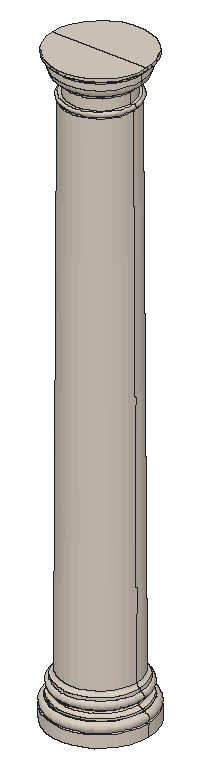
Revit family
Parameters (values of type "Base 650 x 650")
  Pedestal = 30 cm
  Material = Masonry - Stone Cill
  Manufacturer = "Revit"
  Keynote = "F"
  Column Body = 300 cm
  Capitel = 30 cm
  Width = 65 cm
  Depth = 65 cm
Reference planes (cm)
  plane 1 "Centro A/I": y = 0
  plane 2: z = 40
  plane 3 "Centro S/D": x = -0.8378
  plane 4 "Sinistra": x = -33.3378
  plane 5 "Destra": x = 31.6622
  plane 6 "Indietro": y = 32.5
  plane 7 "Avanti": y = -32.5
  plane 8: z = 148
  plane 9: y = 0
  plane 10: z = 370
  plane 11: z = 70
Forms (cm)
  Revolve 1, solid, material "Masonry - Stone Cill" <- "Material"
    sketch origin (0, 0, 0) x (1, 0, 0) y (0, 0, 1)
      loop
        line (-0.8378, 29.8184) -> (-0.8378, 0) -> (31.6622, 0) -> (31.6622, 8) -> (28.5372, 8)
        arc (28.5372, 8) -> (31.6622, 11.125) -> (28.5372, 14.25) r 3.125
        line (28.5372, 14.25) -> (28.0372, 14.25) -> (28.0372, 15.5)
        arc (28.0372, 15.5) -> (26.1753, 15.9223) -> (24.655, 17.0771) r 4.5094
        arc (24.655, 17.0771) -> (24.5472, 18.588) -> (25.9095, 19.25) r 1.3515
        line (25.9095, 19.25) -> (25.9095, 20.3884)
        arc (25.9095, 20.3884) -> (28.2153, 22.6942) -> (25.9095, 25) r 2.3058
        line (25.9095, 25) -> (25.9095, 27)
        arc (25.9095, 27) -> (23.9166, 27.8255) -> (23.0911, 29.8184) r 2.8184
        line (23.0911, 29.8184) -> (-0.8378, 29.8184)
      axis (-0.8378, 29.8184) -> (-0.8378, 0)
    angle from 0 to 360
  Blend 2, solid, material "Masonry - Stone Cill" <- "Material"
    base sketch origin (0, 0, 0) x (1, 0, 0) y (0, 1, 0)
      loop
        circle (-0.8378, 0) r 24.323
    top sketch origin (0, 0, 0) x (1, 0, 0) y (0, 1, 0)
      loop
        circle (-0.8378, 0) r 22.5092
    from 29.8184 to 371.25
  Revolve 3, solid, material "Masonry - Stone Cill" <- "Material"
    sketch origin (0, 0, 1.4316) x (1, 0, 0) y (0, 0, 1)
      loop
        line (-0.8378, 369.8184) -> (21.6622, 369.8184) -> (21.6622, 371.0937)
        arc (21.6622, 371.0937) -> (22.8995, 372.331) -> (21.6622, 373.5684) r 1.2374
        line (21.6622, 373.5684) -> (19.4122, 373.5684) -> (19.4122, 381.5684) -> (20.6622, 381.5684)
        arc (20.6622, 381.5684) -> (21.1691, 382.6341) -> (22.1306, 383.3184) r 2.3469
        line (22.1306, 383.3184) -> (22.1306, 384.3147)
        arc (22.1306, 384.3147) -> (25.5495, 386.1943) -> (26.6772, 389.9293) r 5.163
        line (26.6772, 389.9293) -> (27.1898, 389.9293) -> (27.1898, 394.3184) -> (27.6622, 394.3184)
        arc (27.6622, 394.3184) -> (28.0898, 395.2745) -> (28.9571, 395.8617) r 1.9115
        arc (28.9571, 395.8617) -> (29.4438, 396.3968) -> (29.6639, 397.0859) r 1.7002
        line (29.6639, 397.0859) -> (30.6157, 397.0859) -> (30.6157, 398.5684) -> (-0.8378, 398.5684) -> (-0.8378, 369.8184)
      axis (-0.8378, 398.5684) -> (-0.8378, 369.8184)
    angle from 0 to 360
Dimensions and locks (cm)
  equal spacing: plane 4 "Sinistra", plane 3 "Centro S/D", plane 5 "Destra"
  equal spacing: plane 7 "Avanti", plane 1 "Centro A/I", plane 6 "Indietro"
  "Width": plane 4 "Sinistra" to plane 5 "Destra"
  "Depth": plane 7 "Avanti" to plane 6 "Indietro"
  "Capitel": level to plane 10
  "Pedestal": plane 11 to plane 2
  "Column Body": plane 10 to plane 11
  aligned and locked: Blend 2 to Revolve 3
Automatic sketch dimensions
  Blend 2 sketch curve to plane 1 "Centro A/I" = 0 cm  (x2)
  Blend 2 sketch curve to plane 3 "Centro S/D" = 0 cm  (x2)
  Blend 2 sketch curve to plane 4 "Sinistra" = 8.177 cm
  Blend 2 sketch curve to plane 4 "Sinistra" = 9.9908 cm
  Revolve 1 sketch curve to level = 0 cm  (x2)
  Revolve 1 sketch curve to plane 3 "Centro S/D" = 0 cm  (x2)
  Revolve 1 sketch curve to plane 5 "Destra" = 0 cm
  plane 5 "Destra" to Revolve 1 sketch curve = 8.5711 cm
  plane 5 "Destra" to Revolve 1 sketch curve = 7.0072 cm
  Revolve 1 sketch curve to Revolve 1 sketch curve = 1.0626 cm
  Revolve 1 sketch curve to Revolve 1 sketch curve = 0.1919 cm
  Revolve 1 sketch curve to Revolve 1 sketch curve = 2.3195 cm
  Revolve 1 sketch curve to Revolve 1 sketch curve = 2.1715 cm
  Revolve 1 sketch curve to Revolve 1 sketch curve = 0.5 cm
  level to Revolve 1 sketch curve = 8 cm
  Revolve 1 sketch curve to Revolve 1 sketch curve = 3.125 cm
  Revolve 1 sketch curve to Revolve 1 sketch curve = 1.25 cm
  Revolve 1 sketch curve to Revolve 1 sketch curve = 1.5771 cm
  Revolve 1 sketch curve to Revolve 1 sketch curve = 0.8351 cm
  Revolve 1 sketch curve to Revolve 1 sketch curve = 1.1384 cm
  Revolve 1 sketch curve to Revolve 1 sketch curve = 2.3058 cm
  Revolve 1 sketch curve to Revolve 1 sketch curve = 2 cm
  Revolve 1 sketch curve to Revolve 1 sketch curve = 0 cm
  Revolve 3 sketch curve to plane 3 "Centro S/D" = 0 cm  (x2)
  plane 5 "Destra" to Revolve 3 sketch curve = 12.25 cm
  Revolve 3 sketch curve to Revolve 3 sketch curve = 1.25 cm
  Revolve 3 sketch curve to Revolve 3 sketch curve = 0.875 cm
  Revolve 3 sketch curve to Revolve 3 sketch curve = 2.25 cm
  Revolve 3 sketch curve to Revolve 3 sketch curve = 1.4684 cm
  Revolve 3 sketch curve to Revolve 3 sketch curve = 2.3047 cm
  plane 5 "Destra" to Revolve 3 sketch curve = 4.9849 cm
  Revolve 3 sketch curve to Revolve 3 sketch curve = 0.5126 cm
  Revolve 3 sketch curve to Revolve 3 sketch curve = 0.4723 cm
  Revolve 3 sketch curve to Revolve 3 sketch curve = 0.3092 cm
  Revolve 3 sketch curve to Revolve 3 sketch curve = 0.9857 cm
  Revolve 3 sketch curve to Revolve 3 sketch curve = 0.597 cm
  Revolve 3 sketch curve to Revolve 3 sketch curve = 0.7068 cm
  plane 5 "Destra" to Revolve 3 sketch curve = 1.0465 cm
  Revolve 3 sketch curve to Revolve 3 sketch curve = 1.4825 cm
  Revolve 3 sketch curve to Revolve 3 sketch curve = 1.5433 cm
  Revolve 3 sketch curve to Revolve 3 sketch curve = 4.3891 cm
  Revolve 3 sketch curve to Revolve 3 sketch curve = 0.4859 cm
  Revolve 3 sketch curve to Revolve 3 sketch curve = 0.9962 cm
  Revolve 3 sketch curve to Revolve 3 sketch curve = 1.75 cm
  Revolve 3 sketch curve to Revolve 3 sketch curve = 8 cm
  Revolve 3 sketch curve to Revolve 3 sketch curve = 1.2374 cm
  Revolve 3 sketch curve to Revolve 3 sketch curve = 3.75 cm
  Revolve 3 sketch curve to Revolve 3 sketch curve = 0 cm  (x2)
  Revolve 3 sketch curve to level = 28.75 cm
  Revolve 3 sketch curve to Revolve 3 sketch curve = 1.2242 cm
